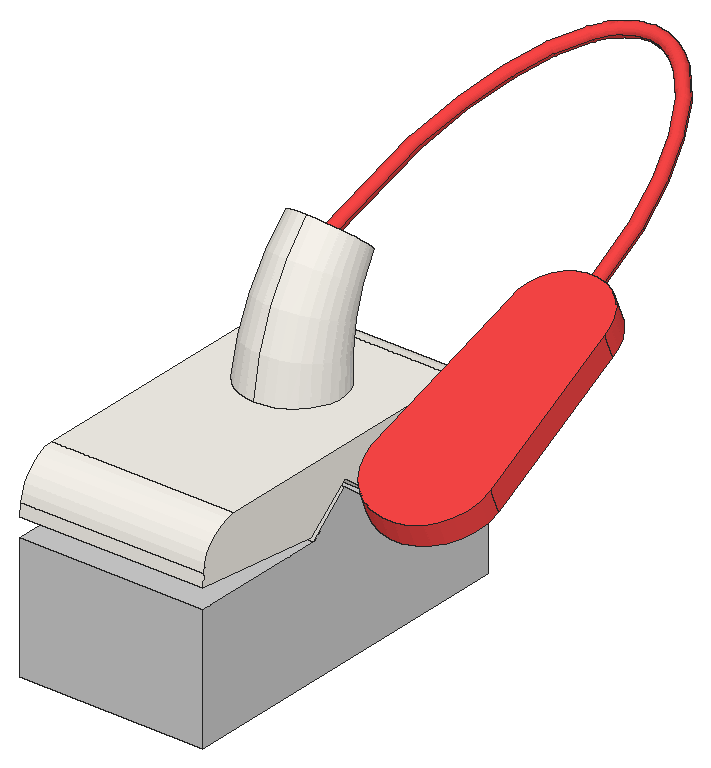
Revit family "Domotics-DomesticRanges-GEWISS-CHORUS_COMMAND-PUSH-BUTTON_PULLCORD", category Apparecchi elettrici, host Superficie, Revit 2016
Family settings
  Host = Superficie
  Mantenere orientamento annotazione = Sì
  Tipo di parte = Normale
  Quota connettore circolare = Usa diametro
  Numero OmniClass = 23.80.50.11.14
  Titolo OmniClass = Switches
  Taglio con vuoti quando caricato = Sì
  Condiviso = Sì
  Punto di calcolo locali = Sì
Parameters (values of type "GW14136 - Titanium")
  Wiring terminals = "With screw"
  Voltage: = "250 V ac"
  Voltage = "250 V ac"
  Vista di pianta [instance] = yes
  Version file RFA = "19.0"
  URL = "https://www.gewiss.com/ww/en"
  Type = "Pull-cord"
  Tipo_ = CHORUS PULSANTI TIRANTE_BASE : Titanio
  Thermo-pressure with ball = "125 °C"
  Terminal tightening capacity rigid cables (mm2) = "min. 0,5 - max. 2x2,5"
  Terminal tightening capacity flexible cables (mm2) = "min. 0,75 - max. 2x4"
  Terminal grip on cable traction = "> 50 N"
  Technical sheet = "https://www.gewiss.com/ww/en/search?q=GW14136"
  Standard; = "EN 60669-1"
  Simbolo_ = SIMBOLO PULSANTI : PULSTIRANTE
  SIMBOLO [instance] = yes
  SEO = "Push button"
  Resistance at test voltage = "2000 V at 50 Hz for 1 minute"
  Realized by GEWISS S.p.A. = ""
  Prolonged operation (no.of position changes) = "40.000 at In 250 V ac cosØ=0,6"
  Produttore = "GEWISS S.p.A."
  Offset_pulsante [instance] = 0 mm
  Offset_bidimensionale [instance] = 2 mm
  Number of poles = "1P"
  No. Chorus modules = "1"
  Modello = "GW14136"
  Larghezza pulsante = 23 mm
  Insulation resistance = "> 5 MOhm"
  IFC.TypeObject = ""
  IFC.ExportType = ""
  IFC.ExportAs = ""
  IDT = "36d9fd8a-1292-40e0-9ad9-c3e13e2ebfe3"
  IDF = "671c1975-a0a6-4754-a492-7d2fb97aa0cd"
  Glow Wire Test = "850°C"
  Electrocod = "0130"
  EAN code = "8011564265882"
  Distanza_effettiva_x [instance] = 1500 mm - Distanza_x  # 1500 mm
  Distanza_x [instance] = 0 mm
  Default Elevation = 1219.2 mm
  Immagine tipo = GW14136.jpg
  Descrizione = "P-BUTTON 1M 1P NO 16A PULL-CORD TITANIUM"
  Description: = "1P NO - 16A"
  Colour = "Titanium"
  Category = "Push-button"
  Catalogue Range = "CHORUS - DOMESTIC RANGE"
  Catalogue = "DOMOTICS"
  COBie.Tagnumber = ""
  COBie.CreatedOn = ""
  COBie.CreatebBy = ""
  COBie.ComponentRegisterItemID = ""
  COBie.Component.TagNumber = ""
  COBie.Component.Space = ""
  COBie.Component.SerialNumber = ""
  COBie.Component.InstallationDate = ""
  COBie.Component.Description = ""
  COBie.Component.BarCode = ""
  Button key = "Pull-cord"
  Breaking capacity: = "1.25 In (200 position changes)"
Types (3, lengths in mm): name | Tipo_ | Technical sheet | Modello | IDT | EAN code | Immagine tipo | Descrizione | Colour
  GW10136 - White | CHORUS PULSANTI TIRANTE_BASE : Bianco | "https://www.gewiss.com/ww/en/search?q=GW10136" | "GW10136" | "e464b772-598f-4289-889c-1b86531f83da" | "8011564261839" | GW10136.jpg | "PUSH-BUTTON 1M 1P NO 16A PULL-CORD WHITE" | "White"
  GW12136 - Black | CHORUS PULSANTI TIRANTE_BASE : Nero | "https://www.gewiss.com/ww/en/search?q=GW12136" | "GW12136" | "ee6fcfef-633d-4b44-a86e-154c2a6c0cea" | "8011564268043" | GW12136.jpg | "PUSH-BUTTON 1M 1P NO 16A PULL-CORD BLACK" | "Black"
  GW14136 - Titanium | CHORUS PULSANTI TIRANTE_BASE : Titanio | "https://www.gewiss.com/ww/en/search?q=GW14136" | "GW14136" | "36d9fd8a-1292-40e0-9ad9-c3e13e2ebfe3" | "8011564265882" | GW14136.jpg | "P-BUTTON 1M 1P NO 16A PULL-CORD TITANIUM" | "Titanium"
Reference planes
  plane 1 "Centro (Fronte/Retro)": y = 0
  plane 2: z = 0
  plane 3 "Centro (Sinistra/Destra)": x = 0
  plane 4: z = 0
  plane 5 "piano bidimensionale": z = 28
  plane 6: x = 0
  plane 7: x = -11.5
  plane 8: x = 11.5
  plane 9: z = 26
  plane 10: x = -1500
Lines and regions (mm)
  Masking region 1, visible <- "Vista di pianta"
    outline origin (0, 0, 0) x (1, 0, 0) y (0, 0, 1)
      loop
        line (-11.5, 26) -> (-11.5, 0) -> (11.5, 0) -> (11.5, 26) -> (-11.5, 26)
  model lines, style "pulsanti", detail levels coarse
    curve 1: line (-11.5, 22.5, 28) -> (11.5, 22.5, 28)
    curve 2: line (-11.5, -22.5, 28) -> (-11.5, 22.5, 28)
    curve 3: line (11.5, -22.5, 28) -> (-11.5, -22.5, 28)
    curve 4: line (11.5, 22.5, 28) -> (11.5, -22.5, 28)
    curve 9: spline (5.996, 5.991, 28) -> (5.945, 5.21, 28) -> (5.792, 4.441, 28) -> (5.539, 3.699, 28) -> (5.193, 2.996, 28) -> (4.757, 2.345, 28) -> (4.24, 1.756, 28) -> (3.65, 1.239, 28) -> (2.998, 0.803, 28) -> (2.295, 0.457, 28) -> (1.552, 0.205, 28) -> (0.783, 0.052, 28) -> (0, 0, 28)
    curve 10: spline (4.549, 13.005, 28) -> (4.372, 13.357, 28) -> (4.147, 13.693, 28) -> (3.876, 14.009, 28) -> (3.562, 14.302, 28) -> (3.209, 14.569, 28) -> (2.82, 14.807, 28) -> (2.399, 15.013, 28) -> (1.952, 15.184, 28) -> (1.483, 15.32, 28) -> (0.998, 15.418, 28) -> (0.502, 15.477, 28) -> (0, 15.497, 28)
    curve 11: line (4.549, 13.005, 28) -> (5.996, 5.991, 28)
    curve 12: spline (-5.996, 5.991, 28) -> (-5.945, 5.21, 28) -> (-5.792, 4.441, 28) -> (-5.539, 3.699, 28) -> (-5.193, 2.996, 28) -> (-4.757, 2.345, 28) -> (-4.24, 1.756, 28) -> (-3.65, 1.239, 28) -> (-2.998, 0.803, 28) -> (-2.295, 0.457, 28) -> (-1.552, 0.205, 28) -> (-0.783, 0.052, 28) -> (0, 0, 28)
    curve 13: spline (-4.549, 13.005, 28) -> (-4.372, 13.357, 28) -> (-4.147, 13.693, 28) -> (-3.876, 14.009, 28) -> (-3.562, 14.302, 28) -> (-3.209, 14.569, 28) -> (-2.82, 14.807, 28) -> (-2.399, 15.013, 28) -> (-1.952, 15.184, 28) -> (-1.483, 15.32, 28) -> (-0.998, 15.418, 28) -> (-0.502, 15.477, 28) -> (0, 15.497, 28)
    curve 14: line (-4.549, 13.005, 28) -> (-5.996, 5.991, 28)
  model lines, style "pulsanti", not visible, detail levels coarse
    curve 5: line (-11.5, 22.5, 58) -> (11.5, 22.5, 58)
    curve 6: line (-11.5, -22.5, 58) -> (-11.5, 22.5, 58)
    curve 7: line (11.5, -22.5, 58) -> (-11.5, -22.5, 58)
    curve 8: line (11.5, 22.5, 58) -> (11.5, -22.5, 58)
    curve 15: spline (5.996, 5.991, 58) -> (5.945, 5.21, 58) -> (5.792, 4.441, 58) -> (5.539, 3.699, 58) -> (5.193, 2.996, 58) -> (4.757, 2.345, 58) -> (4.24, 1.756, 58) -> (3.65, 1.239, 58) -> (2.998, 0.803, 58) -> (2.295, 0.457, 58) -> (1.552, 0.205, 58) -> (0.783, 0.052, 58) -> (0, 0, 58)
    curve 16: spline (4.549, 13.005, 58) -> (4.372, 13.357, 58) -> (4.147, 13.693, 58) -> (3.876, 14.009, 58) -> (3.562, 14.302, 58) -> (3.209, 14.569, 58) -> (2.82, 14.807, 58) -> (2.399, 15.013, 58) -> (1.952, 15.184, 58) -> (1.483, 15.32, 58) -> (0.998, 15.418, 58) -> (0.502, 15.477, 58) -> (0, 15.497, 58)
    curve 17: line (4.549, 13.005, 58) -> (5.996, 5.991, 58)
    curve 18: spline (-5.996, 5.991, 58) -> (-5.945, 5.21, 58) -> (-5.792, 4.441, 58) -> (-5.539, 3.699, 58) -> (-5.193, 2.996, 58) -> (-4.757, 2.345, 58) -> (-4.24, 1.756, 58) -> (-3.65, 1.239, 58) -> (-2.998, 0.803, 58) -> (-2.295, 0.457, 58) -> (-1.552, 0.205, 58) -> (-0.783, 0.052, 58) -> (0, 0, 58)
    curve 19: spline (-4.549, 13.005, 58) -> (-4.372, 13.357, 58) -> (-4.147, 13.693, 58) -> (-3.876, 14.009, 58) -> (-3.562, 14.302, 58) -> (-3.209, 14.569, 58) -> (-2.82, 14.807, 58) -> (-2.399, 15.013, 58) -> (-1.952, 15.184, 58) -> (-1.483, 15.32, 58) -> (-0.998, 15.418, 58) -> (-0.502, 15.477, 58) -> (0, 15.497, 58)
    curve 20: line (-4.549, 13.005, 58) -> (-5.996, 5.991, 58)
Dimensions and locks
  "Offset_pulsante": plane 4 to host face
  "Distanza_x": plane 6 to plane 3 "Centro (Sinistra/Destra)"
  equal spacing: plane 7, plane 3 "Centro (Sinistra/Destra)", plane 8
  "Larghezza pulsante": plane 7 to plane 8
  plane 9 to plane 4 = 26 mm
  "Distanza_effettiva_x": plane 10 to plane 6
  plane 10 to plane 3 "Centro (Sinistra/Destra)" = 1500 mm
  "Offset_bidimensionale": plane 5 "piano bidimensionale" to plane 9
  aligned and locked: plane 2 to host face
  aligned and locked: level to host face
  aligned and locked: plane 5 "piano bidimensionale" to curve 4
  aligned and locked: nested 1 to plane 4
  aligned and locked: plane 6 to nested 2
  aligned and locked: Masking region 1 sketch curve to plane 9
  aligned and locked: plane 7 to Masking region 1 sketch curve
  aligned and locked: plane 4 to Masking region 1 sketch curve
  aligned and locked: Masking region 1 sketch curve to nested 1
Automatic sketch dimensions
  host sketch curve to host sketch curve = 2438.4 mm  (x2)
  curve 2 to curve 4 = 23 mm
  curve 1 to curve 3 = 45 mm
  curve 6 to curve 8 = 23 mm
  curve 5 to curve 7 = 45 mm
  curve 1 to curve 13 = 7.003 mm
  curve 13 to curve 11 = 2.492 mm
  curve 10 to curve 14 = 2.492 mm
  curve 14 to curve 13 = 1.074 mm
  curve 10 to curve 13 = 0 mm
  curve 10 to curve 9 = 5.94 mm
  curve 9 to curve 12 = 0 mm
  curve 12 to curve 9 = 5.991 mm
  curve 1 to curve 12 = 5.504 mm
  curve 12 to curve 13 = 1.226 mm
  curve 13 to curve 14 = 0.222 mm
  curve 12 to curve 9 = 5.994 mm  (x2)
  curve 14 to curve 10 = 4.547 mm
  curve 10 to curve 13 = 0.002 mm
  curve 9 to curve 9 = 0.002 mm
  curve 9 to curve 12 = 0.004 mm
  curve 13 to curve 10 = 4.547 mm
  curve 5 to curve 19 = 7.003 mm
  curve 19 to curve 17 = 2.492 mm
  curve 16 to curve 20 = 2.492 mm
  curve 20 to curve 19 = 1.074 mm
  curve 16 to curve 19 = 0 mm
  curve 16 to curve 15 = 5.94 mm
  curve 15 to curve 18 = 0 mm
  curve 18 to curve 15 = 5.991 mm
  curve 5 to curve 18 = 5.504 mm
  curve 18 to curve 19 = 1.226 mm
  curve 19 to curve 20 = 0.222 mm
  curve 18 to curve 15 = 5.994 mm  (x2)
  curve 20 to curve 16 = 4.547 mm
  curve 16 to curve 19 = 0.002 mm
  curve 15 to curve 15 = 0.002 mm
  curve 15 to curve 18 = 0.004 mm
  curve 19 to curve 16 = 4.547 mm
Nested families
  nested 1: "CHORUS PULSANTI TIRANTE_BASE" at (0, 0, 0), type <- "Tipo_", type "Titanio"
  nested 2: "SIMBOLO PULSANTI" at (0, 249.316, 0), type <- "Simbolo_", SIMBOLO <- "SIMBOLO", type "PULSTIRANTE"
    with TESTO ELETTRICO "", SIMBOLO yes, Distanza dal muro 2 mm, BORDO ACCESO yes
Connectors
  electrical at (0, 0, 0)
    settings: on nested 1, index 1, voltage 0 V, apparent load 0 VA, apparent load phase1 0 VA, apparent load phase2 0 VA, apparent load phase3 0 VA, power factor 1, load classification "Other", number of poles 1, system type 31, power factor state 1, is connector primary yes, connector utility no, sub classification motor no, connector description ""
Definition of nested family "CHORUS PULSANTI TIRANTE_BASE"
  Parameters (values of type "Titanio")
    materiale Cordicella_Tirante = none
    Supporto = none
    Pulsante = none
    Profondità suporto = 15.673 mm
    Larghezza pulsante = 23 mm
    Bidimensionale = 36.414 mm
    Altezza pulsante = 45 mm
  Types (3): name
    Nero
    Titanio
    Bianco
  Reference planes
    plane 1 "Centro (Fronte/Retro)": y = 0
    plane 2: z = 0
    plane 3 "Centro (Sinistra/Destra)": x = 0
    plane 4: y = -22.5
    plane 5: y = 22.5
    plane 6: x = -11.5
    plane 7: x = 11.5
    plane 8: z = 15.673
    plane 9 "PIANO BIDIMENSIONALE": z = 36.414
    plane 10: z = 25.218
  Forms (mm)
    Extrusion 1, solid, material <- "Supporto", detail levels medium+fine
      sketch origin (0, 0, 0) x (0, 1, 0) y (0, 0, 1)
        loop
          line (-22.5, 0) -> (22.5, 0) -> (22.5, 15.673) -> (5, 15.673) -> (0, 19.673) -> (-5, 15.673) -> (-22.5, 15.673) -> (-22.5, 0)
      from -11.5 to 11.5
    Extrusion 2, solid, material <- "Pulsante", detail levels medium+fine
      sketch origin (0, -1.516, 0.116) x (0, 0.994522, -0.104528) y (0, 0.104528, 0.994522)
        loop
          line (-22.747, 15.673) -> (-5.514, 15.673) -> (-0.63, 20.499) -> (5.151, 16.793) -> (22.007, 20.376) -> (21.688, 21.878)
          arc (21.688, 21.878) -> (19.794, 24.951) -> (16.382, 26.13) r 5.368
          arc (16.382, 26.13) -> (-1.116, 25.123) -> (-18.441, 22.47) r 185.543
          arc (-18.441, 22.47) -> (-21.533, 20.607) -> (-22.747, 17.207) r 5.368
          line (-22.747, 17.207) -> (-22.747, 15.673)
      from -11.5 to 11.5
    SweptBlend 3, solid, material <- "Pulsante", detail levels medium+fine
      path origin (0, 9.343, -24.009) x (0, 0.992546, 0.121869) y (0, -0.121869, 0.992546)
        loop
          arc (2.639, 48.99) -> (5.295, 56.523) -> (10.311, 62.738) r 23.596
      profile origin (0, 5.991, 24.938) x (0, -0.998907, 0.046734) y (1, 0, 0)
        loop
          circle (0, 0) r 6
      end profile origin (0, 11.931, 39.518) x (0, -0.747179, 0.664623) y (1, 0, 0)
        loop
          circle (0, 0) r 4.774
    Sweep 4, solid, material <- "materiale Cordicella_Tirante", detail levels medium+fine
      path origin (0, 11.892, 39.245) x (0, -0.920505, -0.390731) y (1, 0, 0)
        loop
          spline (0.137, 0) -> (-8.922, 0.511) -> (-17.363, 2.01) -> (-24.612, 4.393) -> (-30.174, 7.5) -> (-33.67, 11.118) -> (-34.863, 15) -> (-33.67, 18.882) -> (-30.174, 22.5) -> (-24.612, 25.607) -> (-17.363, 27.99) -> (-8.922, 29.489) -> (0.137, 30)
      profile origin (15, 43.984, 52.867) x (0, 0.920505, 0.390731) y (0, -0.390731, 0.920505)
        loop
          circle (0, 0) r 0.8
    Extrusion 5, solid, material <- "materiale Cordicella_Tirante", detail levels medium+fine
      sketch origin (0, 11.892, 39.245) x (0, -0.920505, -0.390731) y (1, 0, 0)
        loop
          line (0.593, 23.699) -> (22.06, 22.178)
          arc (22.06, 22.178) -> (29.562, 29.68) -> (22.06, 37.182) r 7.502
          line (22.06, 37.182) -> (0.593, 35.699)
          arc (0.593, 35.699) -> (-5.408, 29.699) -> (0.593, 23.699) r 6
      from -1.485 to 1.66
    SweptBlend 6, solid, material <- "Pulsante", not visible, detail levels medium+fine
      path origin (0, 0, 0) x (0, 1, 0) y (0, 0, 1)
        loop
          arc (2.639, 48.99) -> (5.295, 56.523) -> (10.311, 62.738) r 23.596
      profile origin (0, 2.639, 48.99) x (0, -0.985766, 0.168122) y (1, 0, 0)
        loop
          circle (0, 0) r 6
      end profile origin (0, 10.311, 62.738) x (0, -0.660612, 0.750727) y (1, 0, 0)
        loop
          circle (0, 0) r 4.774
    Sweep 7, solid, material <- "materiale Cordicella_Tirante", not visible, detail levels medium+fine
      path origin (0, 10.239, 62.471) x (0, -0.961262, -0.275637) y (1, 0, 0)
        loop
          spline (0.137, 0) -> (-8.922, 0.511) -> (-17.363, 2.01) -> (-24.612, 4.393) -> (-30.174, 7.5) -> (-33.67, 11.118) -> (-34.863, 15) -> (-33.67, 18.882) -> (-30.174, 22.5) -> (-24.612, 25.607) -> (-17.363, 27.99) -> (-8.922, 29.489) -> (0.137, 30)
      profile origin (15, 43.752, 72.08) x (0, 0.961262, 0.275637) y (0, -0.275637, 0.961262)
        loop
          circle (0, 0) r 0.8
    Extrusion 8, solid, material <- "materiale Cordicella_Tirante", not visible, detail levels medium+fine
      sketch origin (0, 10.239, 62.471) x (0, -0.961262, -0.275637) y (1, 0, 0)
        loop
          line (0.593, 23.699) -> (22.06, 22.178)
          arc (22.06, 22.178) -> (29.562, 29.68) -> (22.06, 37.182) r 7.502
          line (22.06, 37.182) -> (0.593, 35.699)
          arc (0.593, 35.699) -> (-5.408, 29.699) -> (0.593, 23.699) r 6
      from -1.485 to 1.66
  Lines and regions (mm)
    Masking region 1
      outline origin (0, 0, 36.414) x (-1, 0, 0) y (0, -1, 0)
        loop
          line (11.5, -22.5) -> (11.5, 22.5) -> (-11.5, 22.5) -> (-11.5, -22.5) -> (11.5, -22.5)
        loop
          spline (0, -15.497) -> (0.502, -15.477) -> (0.998, -15.418) -> (1.483, -15.32) -> (1.952, -15.184) -> (2.399, -15.013) -> (2.82, -14.807) -> (3.209, -14.569) -> (3.562, -14.302) -> (3.876, -14.009) -> (4.147, -13.693) -> (4.372, -13.357) -> (4.549, -13.005)
          line (4.549, -13.005) -> (5.996, -5.991)
          spline (5.996, -5.991) -> (5.945, -5.21) -> (5.792, -4.441) -> (5.539, -3.699) -> (5.193, -2.996) -> (4.757, -2.345) -> (4.24, -1.756) -> (3.65, -1.239) -> (2.998, -0.803) -> (2.295, -0.457) -> (1.552, -0.205) -> (0.783, -0.052) -> (0, 0)
          spline (0, 0) -> (-0.783, -0.052) -> (-1.552, -0.205) -> (-2.295, -0.457) -> (-2.998, -0.803) -> (-3.65, -1.239) -> (-4.24, -1.756) -> (-4.757, -2.345) -> (-5.193, -2.996) -> (-5.539, -3.699) -> (-5.792, -4.441) -> (-5.945, -5.21) -> (-5.996, -5.991)
          line (-5.996, -5.991) -> (-4.549, -13.005)
          spline (-4.549, -13.005) -> (-4.372, -13.357) -> (-4.147, -13.693) -> (-3.876, -14.009) -> (-3.562, -14.302) -> (-3.209, -14.569) -> (-2.82, -14.807) -> (-2.399, -15.013) -> (-1.952, -15.184) -> (-1.483, -15.32) -> (-0.998, -15.418) -> (-0.502, -15.477) -> (0, -15.497)
    Masking region 2
      outline origin (0, 0, 36.414) x (-1, 0, 0) y (0, -1, 0)
        loop
          line (4.531, -13.09) -> (5.996, -5.99)
          arc (5.996, -5.99) -> (4.238, -1.754) -> (0, 0) r 5.995
          arc (0, 0) -> (-4.238, -1.754) -> (-5.996, -5.99) r 5.995
          line (-5.996, -5.99) -> (-4.531, -13.09)
          arc (-4.531, -13.09) -> (-2.606, -14.928) -> (0, -15.471) r 4.844
          arc (0, -15.471) -> (2.606, -14.928) -> (4.531, -13.09) r 4.844
  Dimensions and locks
    equal spacing: plane 4, plane 1 "Centro (Fronte/Retro)", plane 5
    plane 4 to plane 5 = 45 mm
    equal spacing: plane 6, plane 3 "Centro (Sinistra/Destra)", plane 7
    "Larghezza pulsante": plane 6 to plane 7
    equal spacing: plane 5, plane 1 "Centro (Fronte/Retro)", plane 4
    "Altezza pulsante": plane 5 to plane 4
    "Profondità suporto": plane 8 to plane 2
    "Bidimensionale": plane 9 "PIANO BIDIMENSIONALE" to level
    aligned and locked: level to plane 2
    aligned and locked: Extrusion 1 sketch curve to plane 4
    aligned and locked: plane 5 to Extrusion 1 sketch curve
    aligned and locked: Extrusion 1 sketch curve to plane 2
    aligned and locked: Extrusion 1 to plane 6
    aligned and locked: plane 7 to Extrusion 1
    aligned and locked: Masking region 1 sketch curve to plane 5
    aligned and locked: plane 4 to Masking region 1 sketch curve
  Automatic sketch dimensions
    plane 8 to Extrusion 1 sketch curve = 0 mm  (x2)
    Extrusion 1 sketch curve to plane 1 "Centro (Fronte/Retro)" = 0 mm
    Extrusion 1 sketch curve to plane 1 "Centro (Fronte/Retro)" = 5 mm
    Extrusion 1 sketch curve to plane 8 = 4 mm
    plane 1 "Centro (Fronte/Retro)" to Extrusion 1 sketch curve = 5 mm
    Extrusion 2 sketch curve to plane 4 = 0 mm
    Extrusion 2 sketch curve to plane 1 "Centro (Fronte/Retro)" = 0 mm  (x2)
    Extrusion 2 sketch curve to plane 5 = 0 mm
    Extrusion 2 sketch curve to plane 8 = 2.408 mm
    Extrusion 2 sketch curve to Extrusion 2 sketch curve = 5.368 mm
    Extrusion 2 sketch curve to Extrusion 2 sketch curve = 4.884 mm
    Extrusion 2 sketch curve to Extrusion 2 sketch curve = 5.781 mm
    Extrusion 2 sketch curve to Extrusion 2 sketch curve = 5.251 mm
    Extrusion 2 sketch curve to Extrusion 2 sketch curve = 0.319 mm
    Extrusion 2 sketch curve to Extrusion 2 sketch curve = 3.706 mm
    Extrusion 2 sketch curve to Extrusion 2 sketch curve = 1.535 mm
    Extrusion 2 sketch curve to Extrusion 2 sketch curve = 1.116 mm
    Extrusion 2 sketch curve to Extrusion 2 sketch curve = 1.062 mm
    Extrusion 2 sketch curve to Extrusion 2 sketch curve = 0.055 mm
    Extrusion 2 sketch curve to Extrusion 2 sketch curve = 0 mm  (x2)
    SweptBlend 3 sketch curve to profile plane = 0 mm  (x4)
    SweptBlend 3 sketch curve to SweptBlend 3 sketch curve = 15.588 mm
    SweptBlend 3 sketch curve to SweptBlend 3 sketch curve = 7.672 mm
    SweptBlend 3 sketch curve to SweptBlend 3 sketch curve = 3.967 mm
    Sweep 4 sketch curve to Sweep 4 sketch curve = 15 mm
    profile plane to Sweep 4 sketch curve = 0 mm
    Sweep 4 sketch curve to profile plane = 0 mm
    Extrusion 5 sketch curve to Extrusion 5 sketch curve = 21.467 mm
    Extrusion 5 sketch curve to Extrusion 5 sketch curve = 1.521 mm
    Extrusion 5 sketch curve to Extrusion 5 sketch curve = 7.502 mm
    Extrusion 5 sketch curve to Extrusion 5 sketch curve = 6 mm
    SweptBlend 6 sketch curve to profile plane = 0 mm  (x4)
    SweptBlend 6 sketch curve to SweptBlend 6 sketch curve = 15.588 mm
    SweptBlend 6 sketch curve to SweptBlend 6 sketch curve = 7.672 mm
    SweptBlend 6 sketch curve to SweptBlend 6 sketch curve = 3.967 mm
    Sweep 7 sketch curve to Sweep 7 sketch curve = 15 mm
    profile plane to Sweep 7 sketch curve = 0 mm
    Sweep 7 sketch curve to profile plane = 0 mm
    Extrusion 8 sketch curve to Extrusion 8 sketch curve = 21.467 mm
    Extrusion 8 sketch curve to Extrusion 8 sketch curve = 1.521 mm
    Extrusion 8 sketch curve to Extrusion 8 sketch curve = 7.502 mm
    Extrusion 8 sketch curve to Extrusion 8 sketch curve = 6 mm
    Masking region 1 sketch curve to plane 7 = 0 mm
    Masking region 1 sketch curve to plane 3 "Centro (Sinistra/Destra)" = 0 mm  (x2)
    Masking region 1 sketch curve to plane 6 = 0 mm
    Masking region 1 sketch curve to plane 7 = 5.504 mm
    plane 3 "Centro (Sinistra/Destra)" to Masking region 1 sketch curve = 0.002 mm  (x2)
    Masking region 1 sketch curve to plane 3 "Centro (Sinistra/Destra)" = 0.002 mm  (x2)
    plane 6 to Masking region 1 sketch curve = 5.504 mm
    Masking region 1 sketch curve to plane 5 = 7.003 mm
    Masking region 1 sketch curve to Masking region 1 sketch curve = 7.014 mm
    Masking region 1 sketch curve to Masking region 1 sketch curve = 1.074 mm  (x2)
    plane 3 "Centro (Sinistra/Destra)" to Masking region 1 sketch curve = 4.549 mm
    Masking region 1 sketch curve to Masking region 1 sketch curve = 0.222 mm
    Masking region 1 sketch curve to Masking region 1 sketch curve = 0 mm
    Masking region 1 sketch curve to Masking region 1 sketch curve = 5.94 mm
    Masking region 1 sketch curve to plane 1 "Centro (Fronte/Retro)" = 5.991 mm
    plane 1 "Centro (Fronte/Retro)" to Masking region 1 sketch curve = 0 mm
    Masking region 2 sketch curve to plane 3 "Centro (Sinistra/Destra)" = 0 mm  (x2)
    plane 3 "Centro (Sinistra/Destra)" to Masking region 2 sketch curve = 0.001 mm
    plane 3 "Centro (Sinistra/Destra)" to Masking region 2 sketch curve = 0.352 mm
    plane 3 "Centro (Sinistra/Destra)" to Masking region 2 sketch curve = 4.531 mm
    Masking region 2 sketch curve to plane 7 = 5.504 mm
    Masking region 2 sketch curve to plane 3 "Centro (Sinistra/Destra)" = 0.001 mm
    Masking region 2 sketch curve to plane 3 "Centro (Sinistra/Destra)" = 0.352 mm
    Masking region 2 sketch curve to plane 3 "Centro (Sinistra/Destra)" = 4.531 mm
    plane 6 to Masking region 2 sketch curve = 5.504 mm
    Masking region 2 sketch curve to plane 5 = 9.41 mm
    Masking region 2 sketch curve to Masking region 2 sketch curve = 0 mm  (x2)
    Masking region 2 sketch curve to Masking region 2 sketch curve = 2.45 mm
    Masking region 2 sketch curve to Masking region 2 sketch curve = 4.645 mm
    Masking region 2 sketch curve to plane 1 "Centro (Fronte/Retro)" = 5.99 mm
    radius of SweptBlend 3 sketch curve = 6 mm
    radius of SweptBlend 3 sketch curve = 4.774 mm
    radius of Sweep 4 sketch curve = 0.8 mm
    radius of SweptBlend 6 sketch curve = 6 mm
    radius of SweptBlend 6 sketch curve = 4.774 mm
    radius of Sweep 7 sketch curve = 0.8 mm
Definition of nested family "SIMBOLO PULSANTI"
  Parameters (values of type "PULSANTE")
    TESTO ELETTRICO [instance] = ""
    Simbolo = SIMBOLO PULSANTI_BASE : PULSANTE
    SIMBOLO [instance] = yes
    Distanza dal muro [instance] = 0.5 mm
    BORDO ACCESO [instance] = yes
  Types (8, lengths in mm): name | TESTO ELETTRICO | Simbolo | Distanza dal muro
    PULSANTE | "" | SIMBOLO PULSANTI_BASE : PULSANTE | 0.5
    PULSTIRANTE | "" | SIMBOLO PULSANTI_BASE : PULSTIRANTE | 4.208
    PULSCHIAVE | "" | SIMBOLO PULSANTI_BASE : PULSCHIAVE | 4.208
    TARGA | "" | SIMBOLO PULSANTI_BASE : TARGA | 4.208
    RRNC | "A" | SIMBOLO PULSANTI_BASE : RRNC | 4.208
    MARNO | "M" | SIMBOLO PULSANTI_BASE : MARNO | 4.208
    LUM | "" | SIMBOLO PULSANTI_BASE : LUM | 4.208
    DOPPIO | "" | SIMBOLO PULSANTI_BASE : DOPPIO | 4.208
  Reference planes
    plane 1: y = 0
    plane 2: x = 0
  Lines and regions (mm)
    detail lines, visible <- "BORDO ACCESO", not visible
      curve 1: line (-2.25, 0.412, 0) -> (2.25, 0.412, 0)
      curve 2: line (2.25, 0.412, 0) -> (2.25, -5.588, 0)
      curve 3: line (2.25, -5.588, 0) -> (-2.25, -5.588, 0)
      curve 4: line (-2.25, -5.588, 0) -> (-2.25, 0.412, 0)
      curve 30: line (-1.85, 0.012, 0) -> (1.85, 0.012, 0)
      curve 31: line (1.85, 0.012, 0) -> (1.85, -5.188, 0)
      curve 32: line (1.85, -5.188, 0) -> (-1.85, -5.188, 0)
      curve 33: line (-1.85, -5.188, 0) -> (-1.85, 0.012, 0)
      curve 34: line (-2.25, 6, 0) -> (2.25, 6, 0)
      curve 35: line (2.25, 6, 0) -> (2.25, 0, 0)
      curve 36: line (2.25, 0, 0) -> (-2.25, 0, 0)
      curve 37: line (-2.25, 0, 0) -> (-2.25, 6, 0)
      curve 61: line (-1.85, 5.6, 0) -> (1.85, 5.6, 0)
      curve 62: line (1.85, 5.6, 0) -> (1.85, 0.4, 0)
      curve 63: line (1.85, 0.4, 0) -> (-1.85, 0.4, 0)
      curve 64: line (-1.85, 0.4, 0) -> (-1.85, 5.6, 0)
      curve 65: line (-2.443, 10.208, 0) -> (2.057, 10.208, 0)
      curve 66: line (2.057, 10.208, 0) -> (2.057, 4.208, 0)
      curve 67: line (2.057, 4.208, 0) -> (-2.443, 4.208, 0)
      curve 68: line (-2.443, 4.208, 0) -> (-2.443, 10.208, 0)
      curve 69: line (-2.043, 9.808, 0) -> (1.657, 9.808, 0)
      curve 70: line (1.657, 9.808, 0) -> (1.657, 4.608, 0)
      curve 71: line (1.657, 4.608, 0) -> (-2.043, 4.608, 0)
      curve 72: line (-2.043, 4.608, 0) -> (-2.043, 9.808, 0)
    detail lines, not visible
      curve 5: line (-9.473, -5.588, 0) -> (10.527, -5.588, 0)
      curve 6: circle (-0.56, -0.487, 0) r 0.969 normal (0, 0, 1)
      curve 7: line (-0.005, 0.306, 0) -> (0.852, 1.529, 0)
      curve 8: line (0.852, 1.529, 0) -> (1.529, 1.047, 0)
      curve 9: circle (-0.56, -315.487, 0) r 0.969 normal (0, 0, 1)
      curve 10: line (-0.005, -314.694, 0) -> (0.852, -313.471, 0)
      curve 11: line (0.852, -313.471, 0) -> (1.529, -313.953, 0)
      curve 12: line (-1.245, -314.803, 0) -> (0.124, -316.172, 0)
      curve 13: line (0.124, -314.803, 0) -> (-1.245, -316.172, 0)
      curve 14: circle (-0.56, -480.487, 0) r 0.969 normal (0, 0, 1)
      curve 15: line (-0.005, -479.694, 0) -> (0.852, -478.471, 0)
      curve 16: line (0.852, -478.471, 0) -> (1.529, -478.953, 0)
      curve 17: line (0.493, -478.983, 0) -> (1.167, -479.462, 0)
      curve 18: circle (-0.56, -880.487, 0) r 0.969 normal (0, 0, 1)
      curve 19: line (-0.005, -879.694, 0) -> (0.852, -878.471, 0)
      curve 20: line (0.852, -878.471, 0) -> (1.529, -878.953, 0)
      curve 21: line (-1.245, -879.803, 0) -> (0.124, -881.172, 0)
      curve 22: line (0.124, -879.803, 0) -> (-1.245, -881.172, 0)
      curve 23: line (0.493, -878.983, 0) -> (1.167, -879.462, 0)
      curve 24: circle (-0.56, -365.487, 0) r 0.969 normal (0, 0, 1)
      curve 25: line (-0.005, -364.694, 0) -> (0.852, -363.471, 0)
      curve 26: line (0.852, -363.471, 0) -> (1.529, -363.953, 0)
      curve 27: line (-0.56, -364.925, 0) -> (-0.56, -366.05, 0)
      curve 28: line (0.493, -363.983, 0) -> (1.167, -364.462, 0)
      curve 29: line (0, 3.621, 0) -> (0, -16.379, 0)
      curve 38: circle (-0.56, 2.417, 0) r 0.969 normal (0, 0, 1)
      curve 39: line (-0.005, 3.21, 0) -> (0.852, 4.433, 0)
      curve 40: line (0.852, 4.433, 0) -> (1.529, 3.951, 0)
      curve 41: circle (-0.56, 2.417, 0) r 0.969 normal (0, 0, 1)
      curve 42: line (-0.005, 3.21, 0) -> (0.852, 4.433, 0)
      curve 43: line (0.852, 4.433, 0) -> (1.529, 3.951, 0)
      curve 44: line (-1.245, 3.102, 0) -> (0.124, 1.732, 0)
      curve 45: line (0.124, 3.102, 0) -> (-1.245, 1.732, 0)
      curve 46: circle (-0.56, 2.417, 0) r 0.969 normal (0, 0, 1)
      curve 47: line (-0.005, 3.21, 0) -> (0.852, 4.433, 0)
      curve 48: line (0.852, 4.433, 0) -> (1.529, 3.951, 0)
      curve 49: circle (-0.56, 2.417, 0) r 0.969 normal (0, 0, 1)
      curve 50: line (-0.005, 3.21, 0) -> (0.852, 4.433, 0)
      curve 51: line (0.852, 4.433, 0) -> (1.529, 3.951, 0)
      curve 52: line (-1.245, 3.102, 0) -> (0.124, 1.732, 0)
      curve 53: line (0.124, 3.102, 0) -> (-1.245, 1.732, 0)
      curve 54: line (0.493, 3.921, 0) -> (1.167, 3.442, 0)
      curve 55: line (0.493, 3.921, 0) -> (1.167, 3.442, 0)
      curve 56: circle (-0.56, 2.417, 0) r 0.969 normal (0, 0, 1)
      curve 57: line (-0.005, 3.21, 0) -> (0.852, 4.433, 0)
      curve 58: line (0.852, 4.433, 0) -> (1.529, 3.951, 0)
      curve 59: line (-0.56, 2.979, 0) -> (-0.56, 1.854, 0)
      curve 60: line (0.493, 3.921, 0) -> (1.167, 3.442, 0)
      curve 73: line (-1.644, 2.848, 0) -> (1.644, 2.848, 0)
      curve 74: line (-1.644, 0.61, 0) -> (-1.644, 2.848, 0)
      curve 75: line (1.644, 0.61, 0) -> (-1.644, 0.61, 0)
      curve 76: line (1.644, 2.848, 0) -> (1.644, 0.61, 0)
      curve 77: line (-1.325, 0.987, 0) -> (1.325, 0.987, 0)
      curve 78: circle (0, 1.912, 0) r 0.5 normal (0, 0, 1)
      curve 79: circle (0, 1.912, 0) r 0.8 normal (0, 0, 1)
      curve 80: line (-1.325, 0.987, 0) -> (1.325, 0.987, 0)
      curve 81: line (-0.354, 2.265, 0) -> (0.354, 1.558, 0)
      curve 82: line (0.354, 2.265, 0) -> (-0.354, 1.558, 0)
  Dimensions and locks
    "Distanza dal muro": plane 1 to nested 1
    aligned and locked: curve 5 to curve 3
    aligned and locked: plane 2 to nested 1
  Nested families
    nested 1: "SIMBOLO PULSANTI_BASE" at (0, 0.5, 0), BORDO ACCESO <- "BORDO ACCESO", type <- "Simbolo", TESTO ELETTRICO <- "TESTO ELETTRICO", visible <- "SIMBOLO", type "PULSANTE"
      with TESTO ELETTRICO "", BORDO ACCESO yes
  Definition of nested family "SIMBOLO PULSANTI_BASE"
    Parameters (values of type "RRNC")
      TEXT = yes
      TESTO ELETTRICO [instance] = ""
      TARGA = no
      PULSANTECHIAVE = no
      PULSTIRANTE = no
      PULSANTE = yes
      LUM = no
      DOPPIO = no
      BORDO ACCESO [instance] = yes
    Types (8, lengths in mm): name | TEXT | TARGA | PULSANTECHIAVE | PULSTIRANTE | PULSANTE | LUM | DOPPIO
      PULSANTE | no | no | no | no | yes | no | no
      PULSTIRANTE | no | no | no | yes | yes | no | no
      PULSCHIAVE | no | no | yes | no | yes | no | no
      TARGA | no | yes | no | no | no | no | no
      RRNC | yes | no | no | no | yes | no | no
      MARNO | yes | no | no | no | yes | no | no
      LUM | no | no | no | no | no | yes | no
      DOPPIO | no | no | no | no | no | no | yes
    Reference planes
      plane 1: y = 0
      plane 2: x = 0
    Lines and regions (mm)
      detail lines, visible <- "PULSANTE"
        curve 1: circle (0, 1.258, 0) r 0.527 normal (0, 0, 1)
        curve 11: circle (0, 1.258, 0) r 0.394 normal (0, 0, 1)
      detail lines, visible <- "BORDO ACCESO", not visible
        curve 2: line (-1.943, 9.208, 0) -> (1.857, 9.208, 0)
        curve 3: line (1.857, 9.208, 0) -> (1.857, 4.208, 0)
        curve 4: line (1.857, 4.208, 0) -> (-1.943, 4.208, 0)
        curve 5: line (-1.943, 4.208, 0) -> (-1.943, 9.208, 0)
        curve 6: line (-1.743, 9.008, 0) -> (1.657, 9.008, 0)
        curve 7: line (1.657, 9.008, 0) -> (1.657, 4.408, 0)
        curve 8: line (1.657, 4.408, 0) -> (-1.743, 4.408, 0)
        curve 9: line (-1.743, 4.408, 0) -> (-1.743, 9.008, 0)
      detail lines, visible <- "PULSANTECHIAVE"
        curve 10: line (0, 1.559, 0) -> (0, 0.929, 0)
      detail lines, visible <- "PULSTIRANTE"
        curve 12: line (0, 0.732, 0) -> (0, 0.441, 0)
        curve 13: line (-0.162, 0.441, 0) -> (0.162, 0.441, 0)
        curve 14: line (-0.162, 0.441, 0) -> (0, 0.16, 0)
        curve 15: line (0, 0.16, 0) -> (0.162, 0.441, 0)
      detail lines, visible <- "TARGA"
        curve 16: line (-0.866, 1.843, 0) -> (0.866, 1.843, 0)
        curve 17: line (-0.866, 0.665, 0) -> (-0.866, 1.843, 0)
        curve 18: line (0.866, 0.665, 0) -> (-0.866, 0.665, 0)
        curve 19: line (0.866, 1.843, 0) -> (0.866, 0.665, 0)
        curve 20: line (-0.698, 0.863, 0) -> (0.698, 0.863, 0)
        curve 21: circle (0, 1.35, 0) r 0.263 normal (0, 0, 1)
        curve 22: circle (0, 1.35, 0) r 0.421 normal (0, 0, 1)
        curve 23: line (-0.698, 0.863, 0) -> (0.698, 0.863, 0)
        curve 24: line (-0.186, 1.536, 0) -> (0.186, 1.164, 0)
        curve 25: line (0.186, 1.536, 0) -> (-0.186, 1.164, 0)
      detail lines, visible <- "TARGA", not visible
        curve 26: line (-1.644, 2.848, 0) -> (1.644, 2.848, 0)
        curve 27: line (-1.644, 0.61, 0) -> (-1.644, 2.848, 0)
        curve 28: line (1.644, 0.61, 0) -> (-1.644, 0.61, 0)
        curve 29: line (1.644, 2.848, 0) -> (1.644, 0.61, 0)
        curve 30: line (-1.325, 0.987, 0) -> (1.325, 0.987, 0)
        curve 31: circle (0, 1.912, 0) r 0.5 normal (0, 0, 1)
        curve 32: circle (0, 1.912, 0) r 0.8 normal (0, 0, 1)
        curve 33: line (-1.325, 0.987, 0) -> (1.325, 0.987, 0)
        curve 34: line (-0.354, 2.265, 0) -> (0.354, 1.558, 0)
        curve 35: line (0.354, 2.265, 0) -> (-0.354, 1.558, 0)
        curve 59: line (-0.866, 3.093, 0) -> (0.866, 3.093, 0)
        curve 60: line (-0.866, 1.915, 0) -> (-0.866, 3.093, 0)
        curve 61: line (0.866, 1.915, 0) -> (-0.866, 1.915, 0)
        curve 62: line (0.866, 3.093, 0) -> (0.866, 1.915, 0)
        curve 63: line (-0.698, 2.113, 0) -> (0.698, 2.113, 0)
        curve 64: circle (0, 2.6, 0) r 0.263 normal (0, 0, 1)
        curve 65: circle (0, 2.6, 0) r 0.421 normal (0, 0, 1)
        curve 66: line (-0.698, 2.113, 0) -> (0.698, 2.113, 0)
        curve 67: line (-0.186, 2.786, 0) -> (0.186, 2.414, 0)
        curve 68: line (0.186, 2.786, 0) -> (-0.186, 2.414, 0)
      detail lines, visible <- "LUM"
        curve 36: circle (0, 1.258, 0) r 0.527 normal (0, 0, 1)
        curve 37: circle (0, 1.258, 0) r 0.394 normal (0, 0, 1)
        curve 38: line (0.279, 0.979, 0) -> (-0.279, 1.537, 0)
        curve 39: line (-0.279, 0.979, 0) -> (0.279, 1.537, 0)
      detail lines, visible <- "LUM", not visible
        curve 40: circle (0, -4.588, 0) r 1 normal (0, 0, 1)
        curve 41: circle (0, -4.588, 0) r 0.749 normal (0, 0, 1)
        curve 42: line (0.53, -5.117, 0) -> (-0.53, -4.058, 0)
        curve 43: line (-0.53, -5.117, 0) -> (0.53, -4.058, 0)
        curve 69: circle (0, 2.508, 0) r 0.527 normal (0, 0, 1)
        curve 70: circle (0, 2.508, 0) r 0.394 normal (0, 0, 1)
        curve 71: line (0.279, 2.229, 0) -> (-0.279, 2.787, 0)
        curve 72: line (-0.279, 2.229, 0) -> (0.279, 2.787, 0)
      detail lines, visible <- "DOPPIO"
        curve 44: circle (0, 1.785, 0) r 0.527 normal (0, 0, 1)
        curve 45: circle (0, 1.785, 0) r 0.394 normal (0, 0, 1)
        curve 46: circle (0, 0.732, 0) r 0.527 normal (0, 0, 1)
        curve 47: circle (0, 0.732, 0) r 0.394 normal (0, 0, 1)
      detail lines, visible <- "DOPPIO", not visible
        curve 48: circle (0, -6.992, 0) r 1 normal (0, 0, 1)
        curve 49: circle (0, -6.992, 0) r 0.749 normal (0, 0, 1)
        curve 50: circle (0, -8.992, 0) r 1 normal (0, 0, 1)
        curve 51: circle (0, -8.992, 0) r 0.749 normal (0, 0, 1)
        curve 73: circle (0, 3.035, 0) r 0.527 normal (0, 0, 1)
        curve 74: circle (0, 3.035, 0) r 0.394 normal (0, 0, 1)
        curve 75: circle (0, 1.982, 0) r 0.527 normal (0, 0, 1)
        curve 76: circle (0, 1.982, 0) r 0.394 normal (0, 0, 1)
      detail lines, visible <- "PULSANTE", not visible
        curve 52: circle (0, 2.508, 0) r 0.527 normal (0, 0, 1)
        curve 54: circle (0, 2.508, 0) r 0.394 normal (0, 0, 1)
      detail lines, visible <- "PULSANTECHIAVE", not visible
        curve 53: line (0, 2.809, 0) -> (0, 2.179, 0)
      detail lines, visible <- "PULSTIRANTE", not visible
        curve 55: line (0, 1.982, 0) -> (0, 1.691, 0)
        curve 56: line (-0.162, 1.691, 0) -> (0.162, 1.691, 0)
        curve 57: line (-0.162, 1.691, 0) -> (0, 1.41, 0)
        curve 58: line (0, 1.41, 0) -> (0.162, 1.691, 0)
    Text (mm)
      label "TXT" at (0.016, 1.223, 0), shows "TESTO ELETTRICO", visible <- "TEXT"
      label "TXT" at (0.016, 2.473, 0), shows "TESTO ELETTRICO", visible <- "TEXT", not visible
